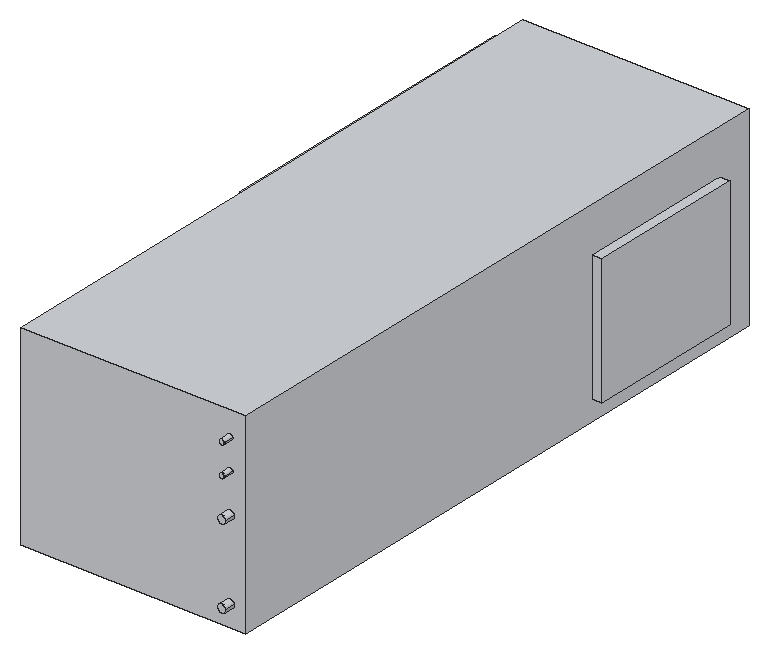
Revit family "M_WSHP - Horizontal - Alta eficiência - 7-18 kW - Retorno esquerdo - Descarga direita", category Equipamento mecânico, Revit 2019
Family settings
  Cota do conector redondo = Usar raio
  Tipo de parte = Normal
  Número OmniClass = 23.75.10.21.17
  Título OmniClass = Water-Source Heat Pumps
  ID de item do Seek = WSHP - Horizontal - High Efficiency - 7-18 kW - Left Return - Right Discharge-0000-CAN-ENU
  Com base no plano de trabalho = Não
  Sempre na vertical = Sim
  Corte com vazios quando carregada = Não
  Compartilhado = Não
  Ponto de cálculo do ambiente = Não
Parameters (values of type "7 kW")
  Raio do fornecimento de água = 10 mm
  Diâmetro do fornecimento de água = Raio do fornecimento de água * 2  # 20 mm
  Raio do retorno da água = 10 mm
  Diâmetro do retorno da água = Raio do retorno da água * 2  # 20 mm
  Queda de pressão da água [instance] = 24131.6 Pa
  Fluxo da água [instance] = 0.5 L/s
  Voltagem = 208 V
  Largura do ar de fornecimento = 400 mm
  Altura do ar de fornecimento = 325 mm
  Altura do ar de retorno = 450 mm
  Largura do ar de retorno = 800 mm
  Largura da bomba = 1579.9 mm
  Material da bomba = none
  Comprimento da bomba = 568.9 mm
  Altura da bomba = 490.2 mm
  Número de pólos = 3
  Classificação de carga = Refrigeração
  Raio do fornecimento de água quente = 6 mm
  Diâmetro do fornecimento de água quente = Raio do fornecimento de água quente * 2  # 12 mm
  Raio do retorno de água quente = 6 mm
  Diâmetro do retorno de água quente = Raio do retorno de água quente * 2  # 12 mm
  Fluxo da água quente [instance] = 0.32 L/s
  Raio da condensação = 10 mm
  Fluxo da drenagem [instance] = 0.0 L/s
  Diâmetro da condensação = Raio da condensação * 2  # 20 mm
  C6 Deslocamento 1 = 55.9 mm
  C5 Deslocamento 2 = 91.5 mm
  C5 Deslocamento 1 = 50.8 mm
  C4 Deslocamento 1 = 353 mm
  C3 Deslocamento 1 = 429.2 mm
  C2 Deslocamento 1 = 254 mm
  C1 Deslocamento 1 = 53.4 mm
  Carga aparente = 3952 VA
  Pressão estática externa [instance] = 149.3 Pa
  Fluxo de ar [instance] = 377.56 L/s
Types (5, lengths in mm): name | Raio do fornecimento de água | Diâmetro do fornecimento de água | Raio do retorno da água | Diâmetro do retorno da água | Queda de pressão da água | Fluxo da água | Largura do ar de fornecimento | Altura do ar de fornecimento | Altura do ar de retorno | Largura do ar de retorno | Largura da bomba | Comprimento da bomba | Altura da bomba | Fluxo da água quente | C5 Deslocamento 2 | C5 Deslocamento 1 | C4 Deslocamento 1 | C3 Deslocamento 1 | C2 Deslocamento 1 | C1 Deslocamento 1 | Carga aparente | Pressão estática externa | Fluxo de ar
  (no name) | 10 | 20 | 10 | 20 | 24131.6 Pa | 0.5 L/s | 400 | 325 | 450 | 800 | 1579.9 | 568.9 | 490.2 | 0.32 L/s | 91.5 | 50.8 | 353 | 429.2 | 254 | 53.4 | 3952 VA | 149.3 Pa | 377.56 L/s
  7 kW | 10 | 20 | 10 | 20 | 24131.6 Pa | 0.5 L/s | 400 | 325 | 450 | 800 | 1579.9 | 568.9 | 490.2 | 0.32 L/s | 91.5 | 50.8 | 353 | 429.2 | 254 | 53.4 | 3952 VA | 149.3 Pa | 377.56 L/s
  11 kW | 10 | 20 | 10 | 20 | 31026.4 Pa | 0.57 L/s | 450 | 475 | 500 | 900 | 1808.5 | 645.1 | 541 | 0.5 L/s | 78.8 | 25.4 | 370.9 | 480 | 274.3 | 151.4 | 5283 VA | 149.3 Pa | 566.34 L/s
  14 kW | 15 | 30 | 15 | 30 | 24821.1 Pa | 0.76 L/s | 450 | 475 | 500 | 1050 | 1935.5 | 645.1 | 541 | 0.63 L/s | 78.8 | 25.4 | 396.3 | 480 | 274.3 | 151.4 | 6780 VA | 199.07 Pa | 755.12 L/s
  18 kW | 15 | 30 | 15 | 30 | 24821.1 Pa | 0.95 L/s | 450 | 475 | 500 | 1150 | 2062.5 | 645.1 | 541 | 0.82 L/s | 78.8 | 25.4 | 396.3 | 480 | 274.3 | 151.4 | 7696 VA | 199.07 Pa | 943.89 L/s
Reference planes
  plane 1 "Centro (Frente/Trás)": y = 0
  plane 2: z = 0
  plane 3 "Centro (Esquerda/Direita)": x = 0
  plane 4: y = 1579.9
  plane 5: x = 568.9
  plane 6: z = 490.2
  plane 7: y = 1524
  plane 8: y = 724
  plane 9: z = 245.1
  plane 10: z = 470.1
  plane 11: z = 20.1
  plane 12: x = -25.4
  plane 13: y = 1605.3
  plane 14: z = 86.36
  plane 15: z = 86.36
  plane 16: x = 511.75
  plane 17: z = 363.2
  plane 18: x = 40.64
  plane 19: x = 528.26
  plane 20: z = 53.4
  plane 21: z = 254
  plane 22: z = 353
  plane 23: z = 429.2
  plane 24: y = -25.4
  plane 25: y = 1488.4
  plane 26: y = 1088.4
  plane 27: z = 50.8
  plane 28: z = 375.8
  plane 29: x = 594.3
Forms (mm)
  Extrusion 1, solid, material <- "Material da bomba"
    sketch origin (0, 0, 0) x (1, 0, 0) y (0, 1, 0)
      loop
        line (0, 0) -> (568.9, 0) -> (568.9, 1579.9) -> (0, 1579.9) -> (0, 0)
    from 0 to 490.2
  Extrusion 2, solid, material <- "Material da bomba"
    sketch origin (0, 0, 0) x (0, 1, 0) y (0, 0, 1)
      loop
        line (1524, 20.1) -> (1524, 470.1) -> (724, 470.1) -> (724, 20.1) -> (1524, 20.1)
    from -25.4 to 0
  Extrusion 3, solid, material <- "Material da bomba"
    sketch origin (0, 0, 0) x (1, 0, 0) y (0, 0, 1)
      loop
        circle (511.75, 86.36) r 10
    from -1605.3 to -1579.9
  Extrusion 4, solid, material <- "Material da bomba"
    sketch origin (0, 0, 0) x (1, 0, 0) y (0, 0, 1)
      loop
        circle (40.64, 363.2) r 25.4
    from -62.547 to 0
  Extrusion 5, solid, material <- "Material da bomba"
    sketch origin (0, 0, 0) x (1, 0, 0) y (0, 0, 1)
      loop
        circle (528.26, 53.4) r 10
    from 0 to 25.4
  Extrusion 6, solid, material <- "Material da bomba"
    sketch origin (0, 0, 0) x (1, 0, 0) y (0, 0, 1)
      loop
        circle (528.26, 254) r 10
    from 0 to 25.4
  Extrusion 7, solid, material <- "Material da bomba"
    sketch origin (0, 0, 0) x (1, 0, 0) y (0, 0, 1)
      loop
        circle (528.26, 353) r 6
    from 0 to 25.4
  Extrusion 8, solid, material <- "Material da bomba"
    sketch origin (0, 0, 0) x (1, 0, 0) y (0, 0, 1)
      loop
        circle (528.26, 429.2) r 6
    from 0 to 25.4
  Extrusion 9, solid, material <- "Material da bomba"
    sketch origin (0, 0, 0) x (0, 1, 0) y (0, 0, 1)
      loop
        line (1088.4, 50.8) -> (1488.4, 50.8) -> (1488.4, 375.8) -> (1088.4, 375.8) -> (1088.4, 50.8)
    from 568.9 to 594.3
Cuts and joins
  joined: Extrusion 1, Extrusion 2, Extrusion 3, Extrusion 4, Extrusion 5, Extrusion 6, Extrusion 7, Extrusion 8, Extrusion 9
Dimensions and locks
  "Largura da bomba": plane 4 to plane 1 "Centro (Frente/Trás)"
  "Comprimento da bomba": plane 3 "Centro (Esquerda/Direita)" to plane 5
  "Altura da bomba": plane 6 to level
  "C6 Deslocamento 1": plane 4 to plane 7
  "Largura do ar de retorno": plane 7 to plane 8
  equal spacing: plane 11, plane 9, plane 10
  "Altura do ar de retorno": plane 11 to plane 10
  locked: plane 12 to Extrusion 1 at 25.4
  locked: plane 13 to plane 4 at 25.4
  locked: plane 2 to plane 15 at 86.36
  locked: plane 5 to plane 16 at 57.15
  locked: plane 18 to plane 3 "Centro (Esquerda/Direita)" at 40.64
  locked: plane 6 to plane 17 at 127
  locked: plane 19 to plane 5 at 40.64
  "C1 Deslocamento 1": plane 20 to plane 2
  "C2 Deslocamento 1": plane 21 to level
  "C4 Deslocamento 1": plane 22 to level
  "C3 Deslocamento 1": plane 23 to level
  locked: plane 24 to plane 1 "Centro (Frente/Trás)" at 25.4
  "C5 Deslocamento 2": plane 25 to plane 4
  "Largura do ar de fornecimento": plane 26 to plane 25
  "C5 Deslocamento 1": plane 27 to plane 2
  "Altura do ar de fornecimento": plane 28 to plane 27
  locked: plane 5 to plane 29 at 25.4
  equal spacing: plane 6, plane 9, level
  "Raio da condensação": radius of Extrusion 3 sketch curve
  radius of Extrusion 4 sketch curve = 25.4 mm
  "Raio do fornecimento de água": radius of Extrusion 5 sketch curve
  "Raio do retorno da água": radius of Extrusion 6 sketch curve
  "Raio do retorno de água quente": radius of Extrusion 7 sketch curve
  "Raio do fornecimento de água quente": radius of Extrusion 8 sketch curve
  aligned and locked: plane 3 "Centro (Esquerda/Direita)" to Extrusion 1 sketch curve
  aligned and locked: plane 1 "Centro (Frente/Trás)" to Extrusion 1 sketch curve
  aligned and locked: plane 4 to Extrusion 1 sketch curve
  aligned and locked: plane 5 to Extrusion 1 sketch curve
  aligned and locked: plane 6 to Extrusion 1
  aligned and locked: plane 7 to Extrusion 2 sketch curve
  aligned and locked: Extrusion 2 sketch curve to plane 11
  aligned and locked: plane 10 to Extrusion 2 sketch curve
  aligned and locked: Extrusion 2 sketch curve to plane 8
  aligned and locked: Extrusion 2 to plane 12
  aligned and locked: plane 3 "Centro (Esquerda/Direita)" to Extrusion 2
  aligned and locked: Extrusion 1 to level
  aligned and locked: Extrusion 3 to plane 4
  aligned and locked: plane 15 to Extrusion 3 sketch curve
  aligned and locked: plane 16 to Extrusion 3 sketch curve
  aligned and locked: plane 17 to Extrusion 4 sketch curve
  aligned and locked: plane 18 to Extrusion 4 sketch curve
  aligned and locked: plane 20 to Extrusion 5 sketch curve
  aligned and locked: plane 19 to Extrusion 5 sketch curve
  aligned and locked: plane 19 to Extrusion 6 sketch curve
  aligned and locked: plane 21 to Extrusion 6 sketch curve
  aligned and locked: plane 19 to Extrusion 7 sketch curve
  aligned and locked: plane 22 to Extrusion 7 sketch curve
  aligned and locked: plane 19 to Extrusion 8 sketch curve
  aligned and locked: plane 23 to Extrusion 8 sketch curve
  aligned and locked: Extrusion 8 to plane 24
  aligned and locked: Extrusion 7 to Extrusion 8
  aligned and locked: Extrusion 6 to Extrusion 7
  aligned and locked: Extrusion 6 to Extrusion 5  (x2)
  aligned and locked: Extrusion 5 to plane 1 "Centro (Frente/Trás)"
  aligned and locked: Extrusion 5 to Extrusion 1
  aligned and locked: Extrusion 8 to plane 1 "Centro (Frente/Trás)"
  aligned and locked: plane 26 to Extrusion 9 sketch curve
  aligned and locked: Extrusion 9 sketch curve to plane 27
  aligned and locked: plane 28 to Extrusion 9 sketch curve
  aligned and locked: plane 25 to Extrusion 9 sketch curve
  aligned and locked: plane 29 to Extrusion 9
  aligned and locked: Extrusion 9 to plane 5
  aligned and locked: plane 13 to cut or joined group 1 (Extrusion 1, Extrusion 2, Extrusion 3, Extrusion 4, Extrusion 5, Extrusion 6, Extrusion 7, Extrusion 8, Extrusion 9)
Connectors
  piping at (528.26, -25.4, 53.4), diameter 20, driven by "Raio do fornecimento de água", driven by "Fluxo da água"
    settings: on Extrusion 5, index 1, connector inside diameter 20 mm, connector length 0 mm, flow factor 0, pipe flow 0.5 L/s, pressure drop 0.0 Pa, fitting loss kfactor 0, connector angle 0.00°, fixture units 0, engagement length 0 mm, angle of deflection 0.00°, flow configuration 1, flow direction 1, fitting loss method 0, system type 7, joint type 0, gender type 0, connector reference index 2, connector utility 0, adjustable connector no, is connector primary yes, connector description "Entrada do fornecimento de água"
  piping at (528.26, -25.4, 254), diameter 20, driven by "Raio do retorno da água", driven by "Fluxo da água", driven by "Queda de pressão da água"
    settings: on Extrusion 6, index 2, connector inside diameter 20 mm, connector length 0 mm, flow factor 0, pipe flow 0.5 L/s, pressure drop 24131.6 Pa, fitting loss kfactor 0, connector angle 0.00°, fixture units 0, engagement length 0 mm, angle of deflection 0.00°, flow configuration 1, flow direction 2, fitting loss method 4, system type 8, joint type 0, gender type 0, connector reference index 1, connector utility 0, adjustable connector no, is connector primary no, connector description "Saída do retorno da água"
  piping at (528.26, -25.4, 429.2), diameter 12, driven by "Fluxo da água quente", driven by "Raio do fornecimento de água quente"
    settings: on Extrusion 8, index 3, connector inside diameter 12 mm, connector length 0 mm, flow factor 0, pipe flow 0.32 L/s, pressure drop 0.0 Pa, fitting loss kfactor 0, connector angle 0.00°, fixture units 0, engagement length 0 mm, angle of deflection 0.00°, flow configuration 0, flow direction 2, fitting loss method 0, system type 7, joint type 0, gender type 0, connector reference index 4, connector utility 0, adjustable connector no, is connector primary no, connector description "Saída do fornecimento de água quente"
  piping at (528.26, -25.4, 353), diameter 12, driven by "Raio do retorno de água quente", driven by "Fluxo da água quente"
    settings: on Extrusion 7, index 4, connector inside diameter 12 mm, connector length 0 mm, flow factor 0, pipe flow 0.32 L/s, pressure drop 0.0 Pa, fitting loss kfactor 0, connector angle 0.00°, fixture units 0, engagement length 0 mm, angle of deflection 0.00°, flow configuration 0, flow direction 1, fitting loss method 0, system type 8, joint type 0, gender type 0, connector reference index 3, connector utility 0, adjustable connector no, is connector primary no, connector description "Entrada do retorno de água quente"
  hvac at (594.3, 1288.4, 213.3), driven by "Fluxo de ar", driven by "Altura do ar de fornecimento", driven by "Largura do ar de fornecimento"
    settings: on Extrusion 9, index 5, duct flow 377.56 L/s, flow factor 0, pres drop 0.0 Pa, loss coef 0, conn angle 0.00°, conn width 400 mm, conn height 325 mm, conn diameter 609.6 mm, duct sys type 1, conn prof type 1, flow config 0, flow direction 2, loss method 0, conn ref index 6, conn util no, is conn primary yes, conn desc ""
  hvac at (-25.4, 1124, 245.1), driven by "Fluxo de ar", driven by "Altura do ar de retorno", driven by "Largura do ar de retorno"
    settings: on cut or joined group 1, index 6, duct flow 377.56 L/s, flow factor 0, pres drop 0.0 Pa, loss coef 0, conn angle 0.00°, conn width 800 mm, conn height 450 mm, conn diameter 609.6 mm, duct sys type 2, conn prof type 1, flow config 0, flow direction 1, loss method 0, conn ref index 5, conn util no, is conn primary no, conn desc ""
  piping at (511.75, 1605.3, 86.36), diameter 20, driven by "Fluxo da drenagem", driven by "Raio da condensação"
    settings: on cut or joined group 1, index 7, connector inside diameter 20 mm, connector length 0 mm, flow factor 0, pipe flow 0.0 L/s, pressure drop 0.0 Pa, fitting loss kfactor 0, connector angle 0.00°, fixture units 0, engagement length 0 mm, angle of deflection 0.00°, flow configuration 1, flow direction 2, fitting loss method 0, system type 16, joint type 0, gender type 0, connector reference index -1, connector utility 0, adjustable connector yes, is connector primary no, connector description "Saída de condensação"
  electrical at (40.64, 0, 363.2), driven by "Carga aparente", driven by "Voltagem", driven by "Número de pólos", driven by "Classificação de carga"
    settings: on Extrusion 4, index 8, voltage 208 V, apparent load 3952 VA, apparent load phase1 0 VA, apparent load phase2 0 VA, apparent load phase3 0 VA, power factor 0.8, load classification "Refrigeração", number of poles 3, system type 30, power factor state 1, is connector primary yes, connector utility no, sub classification motor no, connector description ""
